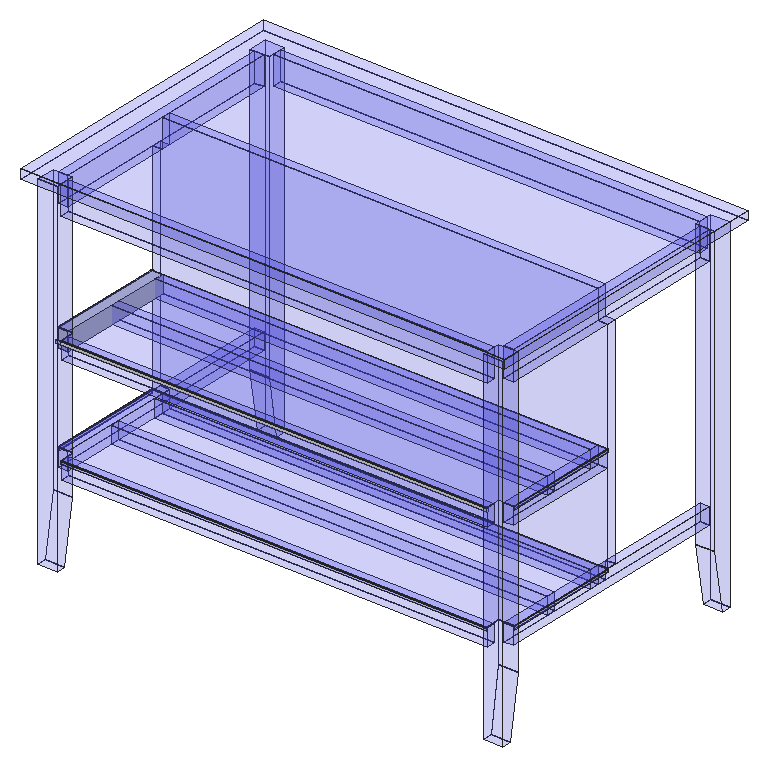
Revit family "stenstorp kitchen island", category Furniture, Revit 2012
Parameters
  white wood = wood, white
  stainless steel = stainless steel
  Oak top = top, oak
  Default Elevation = 1219.2 mm
Reference planes
  plane 1 "Center (Front/Back)": y = 0
  plane 2: z = 0
  plane 3 "Center (Left/Right)": x = 0
Forms (mm)
  Extrusion 1, solid, material "top, oak" <- "Oak top"
    sketch origin (0, 0, 0) x (1, 0, 0) y (0, 1, 0)
      loop
        line (-436.734, 455.276) -> (-436.734, -335.299) -> (823.741, -335.299) -> (823.741, 455.276) -> (-436.734, 455.276)
    from 898.525 to 923.925
  Extrusion 2, solid, material "wood, white" <- "white wood"
    sketch origin (0, 0, 0) x (0, 1, 0) y (0, 0, 1)
      loop
        line (429.876, 0) -> (429.876, 898.525) -> (379.076, 898.525) -> (379.076, 152.4) -> (404.476, 0) -> (429.876, 0)
    from -411.334 to -360.534
  Extrusion 3, solid, material "wood, white" <- "white wood"
    sketch origin (387.006, 0, 0) x (0, 1, 0) y (0, 0, -1)
      loop
        line (429.876, 0) -> (404.476, 0) -> (379.076, -152.4) -> (379.076, -898.525) -> (429.876, -898.525) -> (429.876, 0)
    from -411.334 to -360.534
  Extrusion 4, solid, material "wood, white" <- "white wood"
    sketch origin (0, 119.977, 0) x (0, -1, 0) y (0, 0, -1)
      loop
        line (429.876, 0) -> (404.476, 0) -> (379.076, -152.4) -> (379.076, -898.525) -> (429.876, -898.525) -> (429.876, 0)
    from -411.334 to -360.534
  Extrusion 5, solid, material "wood, white" <- "white wood"
    sketch origin (387.006, 119.977, 0) x (0, -1, 0) y (0, 0, 1)
      loop
        line (429.876, 0) -> (429.876, 898.525) -> (379.076, 898.525) -> (379.076, 152.4) -> (404.476, 0) -> (429.876, 0)
    from -411.334 to -360.534
  Extrusion 6, solid, material "wood, white" <- "white wood"
    sketch origin (0, 0, 0) x (1, 0, 0) y (0, 0, 1)
      loop
        line (760.241, 254) -> (760.241, 209) -> (785.641, 209) -> (785.641, 254) -> (760.241, 254)
    from -379.076 to 259.099
  Extrusion 7, solid, material "wood, white" <- "white wood"
    sketch origin (387.006, 0, 0) x (-1, 0, 0) y (0, 0, -1)
      loop
        line (760.241, -254) -> (785.641, -254) -> (785.641, -209) -> (760.241, -209) -> (760.241, -254)
    from -379.076 to 259.099
  Extrusion 8, solid, material "wood, white" <- "white wood"
    sketch origin (-45.901, 488.442, 0) x (0, -1, 0) y (0, 0, 1)
      loop
        line (760.241, 254) -> (760.241, 209) -> (785.641, 209) -> (785.641, 254) -> (760.241, 254)
    from -793.444 to 314.633
  Extrusion 9, solid, material "wood, white" <- "white wood"
    sketch origin (0, 0, 0) x (1, 0, 0) y (0, 0, 1)
      loop
        line (-373.234, 898.525) -> (-373.234, 823.525) -> (-398.634, 823.525) -> (-398.634, 254) -> (-373.234, 254) -> (-373.234, 209) -> (760.241, 209) -> (760.241, 254) -> (785.641, 254) -> (785.641, 823.525) -> (760.241, 823.525) -> (760.241, 898.525) -> (-373.234, 898.525)
    from -72.689 to -47.289
  Extrusion 10, solid, material "wood, white" <- "white wood"
    sketch origin (0, 0, 0) x (0, 1, 0) y (0, 0, 1)
      loop
        line (-297.225, 533.4) -> (-297.225, 488.4) -> (-271.825, 488.4) -> (-271.825, 533.4) -> (-297.225, 533.4)
    from -360.534 to 747.493
  Extrusion 11, solid, material "wood, white" <- "white wood"
    sketch origin (1057.466, 2.493, 0) x (1, 0, 0) y (0, 0, 1)
      loop
        line (-297.225, 533.4) -> (-297.225, 488.4) -> (-271.825, 488.4) -> (-271.825, 533.4) -> (-297.225, 533.4)
    from -44.796 to 261.592
  Extrusion 12, solid
    sketch origin (-101.409, 2.493, 0) x (1, 0, 0) y (0, 0, 1)
      loop
        line (-297.225, 533.4) -> (-297.225, 488.4) -> (-271.825, 488.4) -> (-271.825, 533.4) -> (-297.225, 533.4)
    from -44.796 to 261.592
  Extrusion 13, solid, material "wood, white" <- "white wood"
    sketch origin (0, 0, 0) x (0, 1, 0) y (0, 0, 1)
      loop
        line (-271.979, 898.525) -> (-297.379, 898.525) -> (-297.379, 823.525) -> (-271.979, 823.525) -> (-271.979, 898.525)
    from -360.534 to 747.515
  Extrusion 14, solid, material "wood, white" <- "white wood"
    sketch origin (0, 119.977, 0) x (0, -1, 0) y (0, 0, -1)
      loop
        line (-271.979, -898.525) -> (-271.979, -823.525) -> (-297.379, -823.525) -> (-297.379, -898.525) -> (-271.979, -898.525)
    from -360.534 to 747.515
  Extrusion 15, solid, material "wood, white" <- "white wood"
    sketch origin (-670.613, 478.147, 0) x (-1, 0, 0) y (0, 0, -1)
      loop
        line (-271.979, -898.525) -> (-271.979, -823.525) -> (-297.379, -823.525) -> (-297.379, -898.525) -> (-271.979, -898.525)
    from 99.071 to 737.246
  Extrusion 16, solid, material "wood, white" <- "white wood"
    sketch origin (488.262, 478.147, 0) x (-1, 0, 0) y (0, 0, -1)
      loop
        line (-271.979, -898.525) -> (-271.979, -823.525) -> (-297.379, -823.525) -> (-297.379, -898.525) -> (-271.979, -898.525)
    from 99.071 to 737.246
  Extrusion 17, solid, material "wood, white" <- "white wood"
    sketch origin (0, 319.268, 0) x (0, 1, 0) y (0, 0, 1)
      loop
        line (-297.225, 533.4) -> (-297.225, 488.4) -> (-271.825, 488.4) -> (-271.825, 533.4) -> (-297.225, 533.4)
    from -373.234 to 760.241
  Extrusion 18, solid, material "wood, white" <- "white wood"
    sketch origin (0, 319.268, -279.4) x (0, 1, 0) y (0, 0, 1)
      loop
        line (-297.225, 533.4) -> (-297.225, 488.4) -> (-271.825, 488.4) -> (-271.825, 533.4) -> (-297.225, 533.4)
    from -373.234 to 760.241
  Extrusion 19, solid, material "wood, white" <- "white wood"
    sketch origin (0, 178.62, 0) x (0, 1, 0) y (0, 0, 1)
      loop
        line (-297.225, 533.4) -> (-297.225, 488.4) -> (-271.825, 488.4) -> (-271.825, 533.4) -> (-297.225, 533.4)
    from -373.234 to 760.241
  Extrusion 20, solid, material "wood, white" <- "white wood"
    sketch origin (0, 178.62, -279.4) x (0, 1, 0) y (0, 0, 1)
      loop
        line (-297.225, 533.4) -> (-297.225, 488.4) -> (-271.825, 488.4) -> (-271.825, 533.4) -> (-297.225, 533.4)
    from -373.234 to 760.241
  Extrusion 21, solid, material "stainless steel" <- "stainless steel"
    sketch origin (0, 0, 0) x (1, 0, 0) y (0, 1, 0)
      loop
        line (-401.234, 47.289) -> (-401.234, -259.099) -> (-360.534, -259.099) -> (-360.534, -299.798) -> (747.541, -299.798) -> (747.541, -259.099) -> (788.24, -259.099) -> (788.24, 47.289) -> (-401.234, 47.289)
    from 533.4 to 535.249
  Extrusion 22, solid, material "stainless steel" <- "stainless steel"
    sketch origin (0, 0, 0) x (1, 0, 0) y (0, 1, 0)
      loop
        line (-401.234, 47.289) -> (-401.234, -259.099) -> (-360.534, -259.099) -> (-360.534, -299.798) -> (747.541, -299.798) -> (747.541, -259.099) -> (788.24, -259.099) -> (788.24, 47.289) -> (-401.234, 47.289)
    from 256.466 to 254
  Extrusion 23, solid
    sketch origin (0, 0, 0) x (1, 0, 0) y (0, 0, 1)
      loop
        line (-373.234, 533.4) -> (-373.234, 525.635) -> (747.541, 525.635) -> (747.541, 533.4) -> (-373.234, 533.4)
    from 297.199 to 299.798
  Extrusion 24, solid, material "stainless steel" <- "stainless steel"
    sketch origin (1085.439, -118.234, -279.4) x (0, -1, 0) y (0, 0, 1)
      loop
        line (-165.523, 533.4) -> (-165.523, 525.635) -> (140.865, 525.635) -> (140.865, 533.4) -> (-165.523, 533.4)
    from 297.199 to 299.798
  Extrusion 25, solid, material "stainless steel" <- "stainless steel"
    sketch origin (0, 0, 0) x (1, 0, 0) y (0, 0, 1)
      loop
        line (-360.534, 533.4) -> (-360.534, 525.635) -> (747.541, 525.635) -> (747.541, 533.4) -> (-360.534, 533.4)
    from 297.199 to 299.798
  Extrusion 26, solid, material "stainless steel" <- "stainless steel"
    sketch origin (-698.433, -118.234, -279.4) x (0, -1, 0) y (0, 0, -1)
      loop
        line (-165.523, -533.4) -> (140.865, -533.4) -> (140.865, -525.635) -> (-165.523, -525.635) -> (-165.523, -533.4)
    from 297.199 to 299.798
  Extrusion 27, solid, material "stainless steel" <- "stainless steel"
    sketch origin (-698.433, -118.234, 0) x (0, -1, 0) y (0, 0, -1)
      loop
        line (-165.523, -533.4) -> (140.865, -533.4) -> (140.865, -525.635) -> (-165.523, -525.635) -> (-165.523, -533.4)
    from 297.199 to 299.798
  Extrusion 28, solid, material "stainless steel" <- "stainless steel"
    sketch origin (0, 0, -279.4) x (1, 0, 0) y (0, 0, 1)
      loop
        line (-360.534, 533.4) -> (-360.534, 525.635) -> (747.541, 525.635) -> (747.541, 533.4) -> (-360.534, 533.4)
    from 297.199 to 299.798
  Extrusion 29, solid, material "stainless steel" <- "stainless steel"
    sketch origin (1085.439, -118.234, 0) x (0, -1, 0) y (0, 0, 1)
      loop
        line (-165.523, 533.4) -> (-165.523, 525.635) -> (140.865, 525.635) -> (140.865, 533.4) -> (-165.523, 533.4)
    from 297.199 to 299.798
Dimensions and locks
  Extrusion 8 to Extrusion 8 = 45 mm
  Extrusion 10 to Extrusion 10 = 45 mm
  Extrusion 7 to Extrusion 7 = 45 mm
  Extrusion 21 to Extrusion 21 = 1.849 mm
  Extrusion 1 to Extrusion 1 = 790.575 mm
  Extrusion 1 to Extrusion 1 = 1260.475 mm
  Extrusion 1 to level = 923.925 mm
  aligned and locked: level to plane 2
